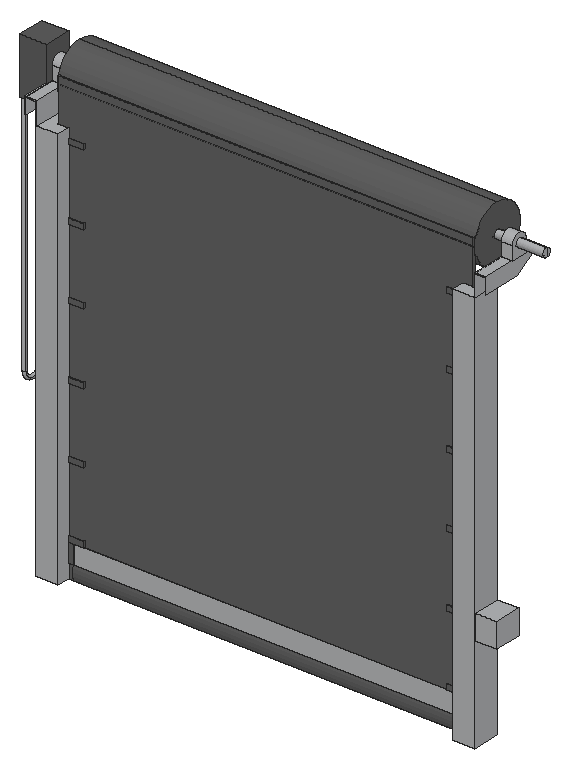
Revit family "Overhead_Door-CHI-MaxDock_Manual", category Specialty Equipment, host Wall, Revit 2023
Family settings
  Host = Wall
  Round Connector Dimension = Use Diameter
  Part Type = Normal
  OmniClass Number = 23.30.10.21
  OmniClass Title = Special Function Doors
  Enable Cutting in Views = No
  Always vertical = Yes
  Cut with Voids When Loaded = No
  Maintain Annotation Orientation = No
  Shared = No
  Room Calculation Point = No
Parameters (values of type "MaxDock - 100 - Gray - 1/4" Reinforced Rubber Curtain")
  Warranty URL = "https://www.chiohd.com/support/warranty"
  Vision Windows [instance] = no
  Version = "2021-v1.a"  # constant formula
  URL = "https://www.chiohd.com/"
  Support Phone = "(224) 699-9545"  # constant formula
  Support Email = "mailto:support@bimsmith.com"
  Steel Gauge = "1/4\""  # constant formula
  Shutter Box Height = 1' - 1"  # constant formula
  Product Page URL = "https://www.chiohd.com/commercial-doors/high-performance/maxdock"
  Product Documentation Link = "https://www.chiohd.com/hubfs/PMax/maxdock.pdf"
  Panel Thickness = 0' - 0 1/4"  # constant formula
  Opening Width [instance] = if(Desired Opening Width > C Max Width, C Max Width, if(Desired Opening Width < C Min Width, C Min Width, Desired Opening Width))  # 6' - 0"
  Opening Speed = "Manual"  # constant formula
  Opening Height [instance] = if(Desired Opening Height > C Max Height, C Max Height, if(Desired Opening Height < C Min Height, C Min Height, Desired Opening Height))  # 6' - 0"
  Model = "100"  # constant formula
  Manufacturer Phone Number = "800-738-5006"  # constant formula
  Manufacturer Fax Number = "800-677-2650"  # constant formula
  Manufacturer Email = "mailto:aia@chiohd.com"
  Manufacturer Address = "1485 Sunrise Drive, Arthur, IL 61911"  # constant formula
  Manufacturer = "C.H.I. Overhead Doors"  # constant formula
  Keynote = "08 30 00"
  Inside Hood Components [instance] = not(Hood Cover)  # yes
  Hood Cover [instance] = no
  Door Size Limits [instance] = "Min Size 6' x 6' │ Max Size 10' x 10'"  # constant formula
  Desired Opening Height [instance] = 6' - 0"
  Desired Opening Width [instance] = 6' - 0"
  Description = "Hight Performance Rubber Door"  # constant formula
  Default Elevation = 0' - 0"
  Curtain Material = Rubber - C.H.I Overhead Doors - Reinforced Black Rubber
  Copyright = "©2024 C.H.I. Overhead Doors - a NUCOR® company All information presented is based on the specifications and features available at the time of printing and is subject to change without notice."  # constant formula
  Closing Speed = "Manual"  # constant formula
  Door Rail Width = 0' - 4"  # constant formula
  Door Rail Depth = 0' - 5"  # constant formula
  Chain Length [instance] = Opening Width - 2' 2 3/4" - 0' 2 5/16"  # 3' - 6 15/16"
  C Min Width [instance] = 6' - 0"  # constant formula
  C Min Height [instance] = 6' - 0"  # constant formula
  C Max Width [instance] = 10' - 0"  # constant formula
  C Max Height [instance] = 10' - 0"  # constant formula
  Shutter Box Depth = 1' - 3"  # constant formula
  Assembly Code = "B2030410"
  Array Number [instance] = ((Opening Width - (0' 5 7/8") * 2) / 0' 10") - 0.49  # 6
Reference planes (in)
  plane 1: y = 0
  plane 2 "Center (Left/Right)": x = 0
  plane 3 "Wall Edge": y = 3
  plane 4: x = -36
  plane 5: x = 36
  plane 6: z = 73.59
  plane 7: z = 0
  plane 8: z = 86.59
  plane 9: y = 18
  plane 10: y = 8
  plane 11: x = 40
  plane 12: x = -40
  plane 13: y = 10.5
  plane 14: y = 5.375
  plane 15: z = 72
  plane 16: x = -47
  plane 17: z = 2.625
  plane 18: z = 6.125
  plane 19: x = 35
  plane 20: x = -35
  plane 21: z = 4.375
  plane 22: x = 30.125
  plane 23: x = -30.125
  plane 24: z = 73.59
  plane 25: z = 80.09
  plane 26: z = 77.6669
  plane 27: x = 42
  plane 28: x = -42
  plane 29: y = 5.5
  plane 30: x = 38
  plane 31: x = -38
  plane 32: x = 18
  plane 33: x = -18
  plane 34: z = 60
  plane 35: z = 26.75
  plane 36: x = 47
Forms (in)
  Extrusion 1, solid, material "Metal - Powder Coat - C.H.I Overhead Doors - Gray"
    sketch origin (0, 0, 0) x (1, 0, 0) y (0, 1, 0)
      loop
        line (-40, 8) -> (-40, 3) -> (-36, 3) -> (-36, 5.375) -> (-38, 5.375) -> (-38, 5.625) -> (-36, 5.625) -> (-36, 8) -> (-40, 8)
      loop
        line (40, 3) -> (40, 8) -> (36, 8) -> (36, 5.625) -> (38, 5.625) -> (38, 5.375) -> (36, 5.375) -> (36, 3) -> (40, 3)
    from 0 to 73.59
  Extrusion 2, solid, material "Rubber - C.H.I Overhead Doors - Reinforced Black Rubber", detail levels fine
    sketch origin (0, 0, 0) x (0, 1, 0) y (0, 0, 1)
      loop
        line (5.625, 2.625) -> (5.375, 2.625)
        arc (5.375, 2.625) -> (5.11631, 1.3125) -> (5.375, 0) r 3.45891
        line (5.375, 0) -> (5.625, 0)
        arc (5.625, 0) -> (5.8674, 1.3125) -> (5.625, 2.625) r 3.67448
    from -35 to 35
  Extrusion 3, solid, material "Metal - Powder Coat - C.H.I Overhead Doors - Gray", visible <- "Inside Hood Components"
    sketch origin (0, 6.875, 0) x (-1, 0, 0) y (0, 0, 1)
      loop
        line (-41.8882, 77.5419) -> (-40, 77.5419) -> (-40, 73.59) -> (-39.875, 73.59) -> (-39.875, 77.6669) -> (-42, 77.6669) -> (-42, 74.74078) -> (-41.8882, 74.74078) -> (-41.8882, 77.5419)
      loop
        line (41.8882, 77.5419) -> (41.8882, 74.74078) -> (42, 74.74078) -> (42, 77.6669) -> (39.875, 77.6669) -> (39.875, 73.59) -> (40, 73.59) -> (40, 77.5419) -> (41.8882, 77.5419)
    from -3.875 to 11.125
  Extrusion 4, void
    sketch origin (0, 0, 0) x (0, 1, 0) y (0, 0, 1)
      loop
        line (18, 79.5419) -> (8, 73.59) -> (18, 73.59) -> (18, 79.5419)
    from -47 to 42
  Revolve 5, solid, material "Rubber - C.H.I Overhead Doors - Reinforced Black Rubber" <- "Curtain Material", visible <- "Inside Hood Components"
    sketch origin (-51.88388, 10.5, 240) x (-1, 0, 0) y (0, 0, 1)
      loop
        line (-98.88388, -159.91) -> (-4.88387, -159.91) -> (-4.88387, -159.16) -> (-98.88388, -159.16) -> (-98.88388, -159.91)
      axis (-98.88388, -159.91) -> (-4.88387, -159.91)
    angle from 0 to 360
  Extrusion 6, solid, material "Metal - Powder Coat - C.H.I Overhead Doors - Gray", visible <- "Inside Hood Components"
    sketch origin (59, 9, 117.1959) x (0, 0, 1) y (0, 1, 0)
      loop
        line (-37.1059, 3) -> (-39.529, 3) -> (-39.529, 0) -> (-37.1059, 0)
        arc (-37.1059, 0) -> (-35.6059, 1.5) -> (-37.1059, 3) r 1.5
    from 17 to 19
  Extrusion 7, solid, material "Metal - Powder Coat - C.H.I Overhead Doors - Gray", visible <- "Inside Hood Components"
    sketch origin (-59.48062, 9, 117.119) x (0, 0, 1) y (0, -1, 0)
      loop
        arc (-37.029, -3) -> (-35.529, -1.5) -> (-37.029, 0) r 1.5
        line (-37.029, 0) -> (-39.45211, 0) -> (-39.45211, -3) -> (-37.029, -3)
    from 17.48062 to 19.48062
  Extrusion 8, solid, material "Metal - C.H.I Overhead Doors - Black", visible <- "Inside Hood Components"
    sketch origin (-47, 9, 105.26562) x (0, 0, 1) y (0, 1, 0)
      loop
        line (-21.34671, 4) -> (-31.67562, 4) -> (-31.67562, -1) -> (-21.34671, -1) -> (-21.34671, 4)
    from 0 to -5
  Extrusion 9, solid, material "Metal - Powder Coat - C.H.I Overhead Doors - Gray", detail levels medium+fine
    sketch origin (-36, 47.86052, 48) x (0, 1, 0) y (0, 0, 1)
      loop
        line (-42.05974, -41.875) -> (-42.6613, -41.875) -> (-42.6613, -45.375) -> (-42.05974, -45.375) -> (-42.05974, -41.875)
    from 1 to 71
  Sweep 10, solid, material "Metal - Powder Coat - C.H.I Overhead Doors - Gray", detail levels medium+fine
    path origin (-47, 9, 105.26562) x (0, 0, 1) y (0, 1, 0)
      loop
        line (-31.67562, 3.33333) -> (-76.4067, 3.33333)
        arc (-76.4067, 3.33333) -> (-78.24003, 1.5) -> (-76.4067, -0.33333) r 1.83333
        line (-76.4067, -0.33333) -> (-31.67562, -0.33333)
    profile origin (-47, 12.33333, 51.22446) x (-1, 0, 0) y (0, -1, 0)
      loop
        circle (-0.31348, 0) r 0.31348
  Extrusion 11, solid, material "Metal - Powder Coat - C.H.I Overhead Doors - Gray"
    sketch origin (0, 3, 0) x (1, 0, 0) y (0, 0, 1)
      loop
        line (44, 22.125) -> (40, 22.125) -> (40, 17.625) -> (44, 17.625) -> (44, 22.125)
    from 0 to -5
  Extrusion 12, solid, material "Rubber - C.H.I Overhead Doors - Reinforced Black Rubber" <- "Curtain Material"
    sketch origin (-47, 9, 105.26562) x (0, 0, 1) y (0, 1, 0)
      loop
        circle (-25.17562, 1.5) r 5.125
    from -9 to -85
  Extrusion 13, solid, material "Metal - Powder Coat - C.H.I Overhead Doors - Gray", visible <- "Hood Cover"
    sketch origin (-47, 9, 105.26562) x (0, 0, 1) y (0, 1, 0)
      loop
        line (-13.67562, -6) -> (-13.67562, 12) -> (-31.67562, 12) -> (-31.67562, -6) -> (-13.67562, -6)
    from -89 to 0
Cuts and joins
  Extrusion 4 cuts Extrusion 3
Lines and regions (in)
  Opening 1
    outline origin (-60, -3, 0) x (1, 0, 0) y (0, 0, 1)
      loop
        line (96, 72) -> (24, 72) -> (24, 0) -> (96, 0) -> (96, 72)
  model lines, detail levels fine
    curve 1: circle (30.125, 5.19922, 4.375) r 0.5 normal (0, 1, 0)
    curve 2: circle (-30.125, 5.19922, 4.375) r 0.5 normal (0, 1, 0)
    curve 3: circle (18.075, 5.19922, 4.375) r 0.5 normal (0, 1, 0)
    curve 4: circle (6.025, 5.19922, 4.375) r 0.5 normal (0, 1, 0)
    curve 5: circle (-6.025, 5.19922, 4.375) r 0.5 normal (0, 1, 0)
    curve 6: circle (-18.075, 5.19922, 4.375) r 0.5 normal (0, 1, 0)
Text (in)
  text "Placement Side" at (0, 40.15149, 123.01588), in view "Right"
  text "Placement Side" at (-85.69711, 32.58532, 0), in view "Ref. Level"
  text "Placement Side" at (0, 92.16658, 149.30195), in view "Left"
Dimensions and locks (in)
  locked: plane 3 "Wall Edge" to host wall
  "Shutter Box Depth": plane 9 to plane 3 "Wall Edge"
  "Door Rail Depth": plane 10 to plane 3 "Wall Edge"
  equal spacing: plane 9, plane 13, plane 3 "Wall Edge"
  locked: plane 4 to plane 16 at 11
  "Opening Height": plane 7 to plane 15
  "Opening Width": plane 5 to plane 4
  equal spacing: plane 5, plane 2 "Center (Left/Right)", plane 4  (x2)
  "Shutter Box Height": plane 6 to plane 8
  equal spacing: plane 11, plane 2 "Center (Left/Right)", plane 12
  "Door Rail Width": plane 11 to plane 5
  locked: plane 17 to plane 18 at 3.5
  locked: plane 7 to plane 17 at 2.625
  equal spacing: plane 20, plane 2 "Center (Left/Right)", plane 19
  locked: plane 19 to plane 5 at 1
  equal spacing: plane 17, plane 21, plane 18
  locked: plane 22 to plane 5 at 5.875
  locked: plane 23 to plane 4 at 5.875
  equal spacing: group 2, group 16, group 5, group 4, group 3, group 1
  equal spacing: group 1, group 3, group 4, group 5, group 16, group 2  (x2)
  equal spacing: group 6, group 8, group 9, group 10, group 17, group 7  (x3)
  equal spacing: group 11, group 13, group 14, group 15, group 18, group 12  (x3)
  Extrusion 2 sketch curve to plane 14 to Extrusion 2 sketch curve = 0' - 3.20022" locked, 0' - 3.18208" locked
  plane 11 to plane 5 = 0' - 4"
  locked: Extrusion 3 sketch curve to plane 11 at 0.125
  locked: Extrusion 3 sketch curve to plane 12 at 0.125
  locked: Extrusion 3 sketch curve to Extrusion 3 sketch curve at 0.1118  (x2)
  locked: Extrusion 4 sketch curve to plane 6 at 5.9519
  locked: plane 8 to plane 24 at 13
  equal spacing: plane 8, plane 25, plane 24
  locked: plane 25 to Revolve 5 sketch curve at 0.75
  Extrusion 6 to plane 13 to Extrusion 6 = 0' - 1 1/2", 0' - 1 1/2"
  locked: Extrusion 7 sketch curve to Extrusion 7 sketch curve at 3
  plane 25 to Extrusion 7 sketch curve = 0' - 2.4231"
  locked: plane 25 to Extrusion 6 sketch curve at 2.4231
  plane 24 to Extrusion 3 sketch curve to Extrusion 3 sketch curve = 0' - 3.9519" locked, 0' - 0 1/8" locked  (x2)
  locked: plane 12 to Extrusion 3 sketch curve at 1.8882
  plane 24 to cut or joined group of Extrusion 3, Extrusion 4 = 0' - 1.15078"
  locked: plane 24 to Extrusion 3 sketch curve at 1.15078  (x2)
  locked: plane 26 to plane 25 at 2.4231
  locked: plane 11 to plane 27 at 2
  locked: plane 12 to plane 28 at 2
  equal spacing: Extrusion 8 sketch curve, plane 13, plane 10
  locked: Extrusion 8 sketch curve to plane 10 at 5
  locked: plane 26 to Extrusion 8 sketch curve at 6.25202
  locked: plane 29 to plane 14 at 0.125
  locked: plane 31 to plane 4 at 2
  locked: plane 5 to plane 30 at 2
  Extrusion 9 sketch curve to plane 29 to Extrusion 9 sketch curve = 0' - 0 77/256" locked, 0' - 0 77/256" locked
  equal spacing: Sweep 10 sketch curve, plane 13, Sweep 10 sketch curve
  locked: Sweep 10 sketch curve to plane 13 at 1.83333
  locked: profile plane to Sweep 10 sketch curve at 0.31348
  locked: plane 14 to Extrusion 1 sketch curve at 0.25  (x2)
  locked: curve 1 to plane 22 at 0.5
  locked: plane 23 to curve 2 at 0.5
  locked: Extrusion 11 sketch curve to Extrusion 11 sketch curve at 4.5
  locked: Extrusion 11 sketch curve to Extrusion 11 sketch curve at 4
  locked: plane 7 to Extrusion 11 sketch curve at 17.625
  equal spacing: plane 5, plane 32, plane 2 "Center (Left/Right)"
  equal spacing: plane 2 "Center (Left/Right)", plane 33, plane 4
  locked: plane 7 to plane 34 at 60
  equal spacing: plane 10, plane 29, plane 3 "Wall Edge"
  locked: plane 8 to Extrusion 8 at 2.67108
  locked: Extrusion 8 to plane 10 at 5
  locked: plane 7 to plane 35 at 26.75
  plane 15 to plane 24 = 0' - 1.59"
  locked: plane 35 to Sweep 10 sketch curve at 0.27559
  locked: plane 15 to plane 24 at 1.59
  locked: plane 36 to plane 5 at 11
  locked: Extrusion 13 sketch curve to plane 3 "Wall Edge" at 18
  locked: Extrusion 13 sketch curve to plane 24 at 18
  radius of Extrusion 2 sketch curve = 0' - 3.45891"
  radius of Extrusion 2 sketch curve = 0' - 3.67448"
  radius of Extrusion 7 sketch curve = 0' - 1 1/2"
  radius of Extrusion 6 sketch curve = 0' - 1 1/2"
  radius of Sweep 10 sketch curve = 0' - 1.83333"
  radius of Sweep 10 sketch curve = 0' - 0.31348"
  radius of Extrusion 12 sketch curve = 0' - 5 1/8"
  aligned and locked: plane 5 to Opening 1 sketch curve
  aligned and locked: plane 4 to Opening 1 sketch curve
  aligned and locked: plane 7 to Opening 1 sketch curve
  aligned and locked: plane 10 to Extrusion 1 sketch curve
  aligned and locked: Extrusion 1 sketch curve to plane 3 "Wall Edge"  (x2)
  aligned and locked: Extrusion 1 sketch curve to plane 4  (x2)
  aligned and locked: plane 12 to Extrusion 1 sketch curve
  aligned and locked: Extrusion 1 sketch curve to plane 11
  aligned and locked: Extrusion 1 sketch curve to plane 10
  aligned and locked: plane 6 to Extrusion 1
  aligned and locked: plane 4 to nested 1
  aligned and locked: plane 4 to nested 2
  aligned and locked: nested 2 to plane 17
  aligned and locked: nested 3 to plane 15
  aligned and locked: plane 4 to nested 3
  aligned and locked: plane 5 to nested 7
  aligned and locked: nested 7 to plane 18
  aligned and locked: plane 15 to nested 8
  aligned and locked: plane 5 to nested 8
  aligned and locked: plane 17 to nested 12
  aligned and locked: plane 5 to nested 12
  aligned and locked: Extrusion 2 sketch curve to plane 17
  aligned and locked: Extrusion 2 sketch curve to plane 7
  aligned and locked: Extrusion 3 sketch curve to plane 11
  aligned and locked: Extrusion 3 sketch curve to plane 6
  aligned and locked: plane 12 to Extrusion 3 sketch curve
  aligned and locked: plane 6 to Extrusion 3 sketch curve
  aligned and locked: plane 3 "Wall Edge" to Extrusion 3
  aligned and locked: plane 9 to Extrusion 3
  aligned and locked: plane 6 to Extrusion 4 sketch curve
  aligned and locked: Extrusion 4 sketch curve to plane 9
  aligned and locked: plane 10 to Extrusion 4 sketch curve
  aligned and locked: plane 16 to Extrusion 4
  aligned and locked: Revolve 5 sketch curve to plane 25
  aligned and locked: Revolve 5 sketch curve to Revolve 5 sketch curve  (x2)
  aligned and locked: plane 25 to Extrusion 6 sketch curve
  aligned and locked: plane 13 to Extrusion 6 sketch curve
  aligned and locked: plane 11 to Extrusion 6
  aligned and locked: plane 12 to Extrusion 7
  aligned and locked: plane 13 to Extrusion 7 sketch curve
  aligned and locked: plane 16 to Revolve 5 sketch curve
  aligned and locked: Extrusion 6 to cut or joined group of Extrusion 3, Extrusion 4
  aligned and locked: cut or joined group of Extrusion 3, Extrusion 4 to Extrusion 7
  aligned and locked: plane 26 to Extrusion 7  (x2)
  aligned and locked: cut or joined group of Extrusion 3, Extrusion 4 to plane 26  (x2)
  aligned and locked: plane 26 to Extrusion 6
  aligned and locked: cut or joined group of Extrusion 3, Extrusion 4 to plane 27
  aligned and locked: cut or joined group of Extrusion 3, Extrusion 4 to plane 28
  aligned and locked: Extrusion 7 to plane 28
  aligned and locked: plane 25 to Extrusion 7 sketch curve
  aligned and locked: plane 10 to Extrusion 8  (x2)
  aligned and locked: Extrusion 8 sketch curve to plane 10
  aligned and locked: plane 28 to Extrusion 8
  aligned and locked: nested 3 to plane 29
  aligned and locked: plane 29 to nested 8
  aligned and locked: nested 1 to plane 29
  aligned and locked: plane 29 to nested 7
  aligned and locked: nested 2 to plane 29
  aligned and locked: plane 29 to nested 12
  aligned and locked: plane 18 to Extrusion 9 sketch curve
  aligned and locked: plane 17 to Extrusion 9 sketch curve
  aligned and locked: Extrusion 2 to plane 20
  aligned and locked: Extrusion 2 to plane 19
  aligned and locked: Extrusion 9 to plane 19
  aligned and locked: Extrusion 9 to plane 20
  aligned and locked: profile plane to Sweep 10 sketch curve
  aligned and locked: plane 14 to Extrusion 1 sketch curve
  aligned and locked: plane 5 to Extrusion 1 sketch curve
  aligned and locked: Extrusion 1 sketch curve to plane 5
  aligned and locked: Extrusion 1 sketch curve to plane 14
  aligned and locked: Extrusion 1 sketch curve to plane 30
  aligned and locked: Extrusion 4 to plane 27
  aligned and locked: Extrusion 11 sketch curve to plane 11
  aligned and locked: Extrusion 1 to Extrusion 11
  aligned and locked: Extrusion 8 to plane 24
  aligned and locked: Opening 1 sketch curve to plane 15
  aligned and locked: plane 24 to Extrusion 8 sketch curve
  aligned and locked: plane 16 to Extrusion 8
  aligned and locked: Extrusion 8 to plane 28
  aligned and locked: Revolve 5 to plane 36
  aligned and locked: plane 25 to Extrusion 12 sketch curve
  aligned and locked: plane 13 to Extrusion 12 sketch curve
  aligned and locked: plane 31 to Extrusion 12
  aligned and locked: plane 30 to Extrusion 12
  aligned and locked: Extrusion 13 sketch curve to plane 24
  aligned and locked: Extrusion 13 to plane 27
  aligned and locked: Extrusion 13 to plane 16
  aligned and locked: plane 2 "Center (Left/Right)" to nested 15
  aligned and locked: nested 15 to plane 29
Automatic sketch dimensions
  Extrusion 2 sketch curve to plane 14 = 0' - 0"
  Extrusion 2 sketch curve to plane 14 = 0' - 0 1/4"
  Extrusion 1 sketch curve to plane 31 = 0' - 0"
  Extrusion 3 sketch curve to plane 27 = 0' - 0"
  Sweep 10 sketch curve to plane 24 = 0' - 0"  (x2)
  Revolve 5 sketch curve to plane 27 = 0' - 5"
  Revolve 5 sketch curve to Revolve 5 sketch curve = 2' - 0"
  Extrusion 13 sketch curve to host wall = 0' - 0"
  radius of curve 2 = 0' - 0 1/2"
  radius of curve 1 = 0' - 0 1/2"
  radius of curve 3 = 0' - 0 1/2"
  radius of curve 4 = 0' - 0 1/2"
  radius of curve 5 = 0' - 0 1/2"
  radius of curve 6 = 0' - 0 1/2"
Nested families (in)
  nested 1: "Accesory" at (-36, 5.5, 2.625), type "Panel Guide", detail levels fine
    with Guide yes, Bottom no
  nested 2: "Accesory" at (-36, 5.5, 2.625), type "Panel Guide", detail levels fine
    with Guide no, Bottom yes
  nested 3: "Accesory" at (-36, 5.5, 67.5), type "Panel Guide", detail levels fine
    with Guide yes, Bottom no
  nested 4: "Accesory" at (-36, 5.5, 15.6), type "Panel Guide", detail levels fine
    with Guide yes, Bottom no
  nested 5: "Accesory" at (-36, 5.5, 28.575), type "Panel Guide", detail levels fine
    with Guide yes, Bottom no
  nested 6: "Accesory" at (-36, 5.5, 41.55), type "Panel Guide", detail levels fine
    with Guide yes, Bottom no
  nested 7: "Accesory" at (36, 5.5, 2.625) x (-1, 0, 0) z (0, 0, 1), type "Panel Guide", detail levels fine
    with Guide yes, Bottom no
  nested 8: "Accesory" at (36, 5.5, 67.5) x (-1, 0, 0) z (0, 0, 1), type "Panel Guide", detail levels fine
    with Guide yes, Bottom no
  nested 9: "Accesory" at (36, 5.5, 15.6) x (-1, 0, 0) z (0, 0, 1), type "Panel Guide", detail levels fine
    with Guide yes, Bottom no
  nested 10: "Accesory" at (36, 5.5, 28.575) x (-1, 0, 0) z (0, 0, 1), type "Panel Guide", detail levels fine
    with Guide yes, Bottom no
  nested 11: "Accesory" at (36, 5.5, 41.55) x (-1, 0, 0) z (0, 0, 1), type "Panel Guide", detail levels fine
    with Guide yes, Bottom no
  nested 12: "Accesory" at (36, 5.5, 2.625) x (-1, 0, 0) z (0, 0, 1), type "Panel Guide", detail levels fine
    with Guide no, Bottom yes
  nested 13: "Accesory" at (-36, 5.5, 54.525), type "Panel Guide", detail levels fine
    with Guide yes, Bottom no
  nested 14: "Accesory" at (36, 5.5, 54.525) x (-1, 0, 0) z (0, 0, 1), type "Panel Guide", detail levels fine
    with Guide yes, Bottom no
  nested 15: "Nested-Curtain_wWindows" at (0, 5.5, 0), Opening Height <- "Opening Height", Opening Width <- "Opening Width", Windows <- "Vision Windows", type "Default"
    with Windows no, Single Window yes, Opening Width 6' - 0", Opening Height 6' - 0", C Single Window no, C Multiple Windows no, Array QTY 2
Definition of nested family "Accesory"
  Parameters (values of type "Panel Guide")
    Guide [instance] = yes
    Default Elevation = 0' - 0"
    Bottom [instance] = yes
  Reference planes (in)
    plane 1 "Center (Front/Back)": y = 0
    plane 2: z = 0
    plane 3 "Center (Left/Right)": x = 0
  Forms (in)
    Extrusion 1, solid, visible <- "Bottom"
      sketch origin (0, 0, 0) x (1, 0, 0) y (0, 0, 1)
        loop
          line (0, 0) -> (1, 0) -> (1, 3.5) -> (0, 3.5) -> (0, 0)
      from -0.30078 to 0.30078
    Extrusion 2, solid, visible <- "Guide"
      sketch origin (0, 0, 0) x (1, 0, 0) y (0, 0, 1)
        loop
          line (0, 4.5) -> (0, 3.5) -> (2.875, 3.5) -> (2.875, 4.5) -> (0, 4.5)
      from -0.30078 to 0.30078
  Dimensions and locks (in)
    locked: Extrusion 1 sketch curve to plane 2 at 3.5
    locked: plane 3 "Center (Left/Right)" to Extrusion 1 sketch curve at 1
    aligned and locked: level to plane 2
    aligned and locked: Extrusion 2 sketch curve to Extrusion 1  (x2)
Definition of nested family "Nested-Curtain_wWindows"
  Parameters (values of type "Default")
    Windows [instance] = yes
    Window Material = none
    Top Offset = 0' - 9 1/2"
    Thickness = 0' - 0 1/4"
    Single Window [instance] = (Opening Width / 6) < 2' 0"  # yes
    C Single Window [instance] = and(Single Window, Windows)  # yes
    Side Offset = 0' - 1 3/4"
    Opening Width [instance] = 6' - 0"
    Opening Height [instance] = 6' - 0"
    Material = none
    Default Elevation = 0' - 0"
    C Multiple Windows [instance] = and(not(C Single Window), Windows)  # no
    Array QTY [instance] = if((Opening Width / 6) < 2' 0", 2, Opening Width / 6' 0") - 0.49  # 2
  Reference planes (in)
    plane 1 "Center (Front/Back)": y = 0
    plane 2: z = 0
    plane 3 "Center (Left/Right)": x = 0
    plane 4: x = -6
    plane 5: x = 36
    plane 6: z = 72
    plane 7: y = -0.125
    plane 8: x = 37.75
    plane 9: x = -37.75
    plane 10: z = 81.5
    plane 11: y = 0.125
    plane 12: z = 60
    plane 13: z = 53
    plane 14: x = -36
    plane 15: x = 6
  Forms (in)
    Extrusion 1, solid, material <- "Material"
      sketch origin (0, 0, 0) x (1, 0, 0) y (0, 1, 0)
        loop
          line (-37.75, 0.125) -> (-37.75, -0.125) -> (37.75, -0.125) -> (37.75, 0.125) -> (-37.75, 0.125)
      from 0 to 81.5
    Extrusion 2, void
      sketch origin (61, 0, 36) x (1, 0, 0) y (0, 0, 1)
        loop
          line (-67, 31) -> (-67, 17) -> (-53, 17) -> (-53, 31) -> (-67, 31)
      from -0.125 to 0.125
    Extrusion 3, solid, material <- "Window Material", visible <- "C Single Window"
      sketch origin (0, 0, 0) x (1, 0, 0) y (0, 0, 1)
        loop
          line (-7, 67) -> (-7, 53) -> (7, 53) -> (7, 67) -> (-7, 67)
      from -0.125 to 0.125
    Extrusion 4, void
      sketch origin (0, 0, 0) x (1, 0, 0) y (0, 0, 1)
        loop
          line (-7, 67) -> (-7, 53) -> (7, 53) -> (7, 67) -> (-7, 67)
      from -15.44047 to 18.50221
    Extrusion 5, solid, material <- "Window Material", visible <- "C Single Window"
      sketch origin (72, 0, 0) x (1, 0, 0) y (0, 0, 1)
        loop
          line (-79, 67) -> (-79, 53) -> (-65, 53) -> (-65, 67) -> (-79, 67)
      from -0.125 to 0.125
    Extrusion 6, void
      sketch origin (59, 0, 36) x (1, 0, 0) y (0, 0, 1)
        loop
          line (-67, 31) -> (-67, 17) -> (-53, 17) -> (-53, 31) -> (-67, 31)
      from -0.125 to 0.125
    Extrusion 7, solid, material <- "Window Material", visible <- "C Multiple Windows"
      sketch origin (144, 0, 0) x (1, 0, 0) y (0, 0, 1)
        loop
          line (-150, 67) -> (-150, 53) -> (-136, 53) -> (-136, 67) -> (-150, 67)
      from -0.125 to 0.125
    Extrusion 8, solid, material <- "Window Material", visible <- "C Multiple Windows"
      sketch origin (142, 0, 0) x (1, 0, 0) y (0, 0, 1)
        loop
          line (-150, 67) -> (-150, 53) -> (-136, 53) -> (-136, 67) -> (-150, 67)
      from -0.125 to 0.125
  Cuts and joins
    Extrusion 2, Extrusion 4, Extrusion 6 cuts Extrusion 1
  Lines and regions (in)
    Filled region 1, type "Patterns Rolling Fire-1", in view "Ref. Level"
      outline origin (0, 0, 0) x (1, 0, 0) y (0, 1, 0)
        loop
          spline (50.1322, 3.626) -> (50.12824, 3.62284) -> (50.12454, 3.61919) -> (50.12112, 3.61503) -> (50.11797, 3.61037) -> (50.11508, 3.6052) -> (50.11247, 3.59953) -> (50.1102, 3.59342) -> (50.10834, 3.58692) -> (50.1069, 3.58004) -> (50.10587, 3.57278) -> (50.10525, 3.56514) -> (50.10504, 3.55712)
          spline (50.10504, 3.55712) -> (50.10512, 3.55237) -> (50.10536, 3.54774) -> (50.10576, 3.54322) -> (50.10632, 3.53882) -> (50.10704, 3.53454) -> (50.10793, 3.53037) -> (50.10897, 3.52631) -> (50.11018, 3.52238) -> (50.11154, 3.51856) -> (50.11307, 3.51485) -> (50.11476, 3.51126) -> (50.11661, 3.50779)
          spline (50.11661, 3.50779) -> (50.12135, 3.50036) -> (50.12649, 3.49428) -> (50.13202, 3.48956) -> (50.13787, 3.48619) -> (50.14437, 3.48417) -> (50.15021, 3.48347) -> (50.15452, 3.48371) -> (50.15804, 3.48438) -> (50.16143, 3.48546) -> (50.16507, 3.487) -> (50.16876, 3.48897) -> (50.17246, 3.49138)
          spline (50.17246, 3.49138) -> (50.1743, 3.49278) -> (50.17608, 3.4943) -> (50.17781, 3.49595) -> (50.17948, 3.49774) -> (50.1811, 3.49966) -> (50.18266, 3.50171) -> (50.18417, 3.5039) -> (50.18562, 3.50622) -> (50.18702, 3.50866) -> (50.18836, 3.51125) -> (50.18965, 3.51396) -> (50.19088, 3.5168)
          spline (50.19088, 3.5168) -> (50.19308, 3.52285) -> (50.19488, 3.52932) -> (50.19629, 3.53621) -> (50.1973, 3.5434) -> (50.1979, 3.55113) -> (50.19809, 3.56051) -> (50.19763, 3.57075) -> (50.19626, 3.58142) -> (50.19398, 3.5914) -> (50.19078, 3.60043) -> (50.18667, 3.60863) -> (50.18165, 3.61601)
          spline (50.18165, 3.61601) -> (50.17717, 3.62117) -> (50.17248, 3.62539) -> (50.16765, 3.62867) -> (50.16264, 3.63102) -> (50.15707, 3.63238) -> (50.1521, 3.63288) -> (50.1485, 3.63271) -> (50.14527, 3.6321) -> (50.14195, 3.63115) -> (50.13863, 3.62983) -> (50.13539, 3.62811) -> (50.1322, 3.626)
    Filled region 2, type "Patterns Rolling Fire-1", in view "Ref. Level"
      outline origin (0, 0, 0) x (1, 0, 0) y (0, 1, 0)
        loop
          spline (50.24085, 3.626) -> (50.23688, 3.62284) -> (50.23319, 3.61919) -> (50.22977, 3.61503) -> (50.22661, 3.61037) -> (50.22373, 3.6052) -> (50.22112, 3.59953) -> (50.21885, 3.59342) -> (50.21699, 3.58692) -> (50.21555, 3.58004) -> (50.21452, 3.57278) -> (50.21389, 3.56514) -> (50.21369, 3.55712)
          spline (50.21369, 3.55712) -> (50.21377, 3.55237) -> (50.21401, 3.54774) -> (50.21441, 3.54322) -> (50.21497, 3.53882) -> (50.21569, 3.53454) -> (50.21658, 3.53037) -> (50.21762, 3.52631) -> (50.21883, 3.52238) -> (50.22019, 3.51856) -> (50.22172, 3.51485) -> (50.22341, 3.51126) -> (50.22526, 3.50779)
          spline (50.22526, 3.50779) -> (50.23, 3.50036) -> (50.23514, 3.49428) -> (50.24067, 3.48956) -> (50.24652, 3.48619) -> (50.25302, 3.48417) -> (50.25886, 3.48347) -> (50.26317, 3.48371) -> (50.26668, 3.48438) -> (50.27008, 3.48546) -> (50.27371, 3.487) -> (50.27741, 3.48897) -> (50.28111, 3.49138)
          spline (50.28111, 3.49138) -> (50.28295, 3.49278) -> (50.28473, 3.4943) -> (50.28646, 3.49595) -> (50.28813, 3.49774) -> (50.28975, 3.49966) -> (50.29131, 3.50171) -> (50.29282, 3.5039) -> (50.29427, 3.50622) -> (50.29567, 3.50866) -> (50.29701, 3.51125) -> (50.29829, 3.51396) -> (50.29953, 3.5168)
          spline (50.29953, 3.5168) -> (50.30173, 3.52285) -> (50.30353, 3.52932) -> (50.30494, 3.53621) -> (50.30594, 3.5434) -> (50.30655, 3.55113) -> (50.30674, 3.56051) -> (50.30628, 3.57075) -> (50.30491, 3.58142) -> (50.30263, 3.5914) -> (50.29943, 3.60043) -> (50.29532, 3.60863) -> (50.2903, 3.61601)
          spline (50.2903, 3.61601) -> (50.28582, 3.62117) -> (50.28113, 3.62539) -> (50.2763, 3.62867) -> (50.27129, 3.63102) -> (50.26571, 3.63238) -> (50.26075, 3.63288) -> (50.25715, 3.63271) -> (50.25392, 3.6321) -> (50.2506, 3.63115) -> (50.24728, 3.62983) -> (50.24404, 3.62811) -> (50.24085, 3.626)
    Filled region 3, type "Patterns Rolling Fire-1", in view "Ref. Level"
      outline origin (0, 0, 0) x (1, 0, 0) y (0, 1, 0)
        loop
          spline (50.46718, 4.22132) -> (50.46812, 4.2198) -> (50.46924, 4.2182) -> (50.47053, 4.21652) -> (50.472, 4.21477) -> (50.47365, 4.21293) -> (50.47547, 4.21102) -> (50.47747, 4.20902) -> (50.47964, 4.20695) -> (50.48199, 4.2048) -> (50.48451, 4.20257) -> (50.48721, 4.20026) -> (50.49009, 4.19787)
          spline (50.49009, 4.19787) -> (50.48743, 4.19591) -> (50.4849, 4.19398) -> (50.48251, 4.19208) -> (50.48026, 4.19021) -> (50.47814, 4.18837) -> (50.47615, 4.18655) -> (50.4743, 4.18477) -> (50.47259, 4.18301) -> (50.471, 4.18129) -> (50.46956, 4.17959) -> (50.46824, 4.17792) -> (50.46706, 4.17628)
          spline (50.46706, 4.17628) -> (50.46502, 4.17301) -> (50.46335, 4.16973) -> (50.46205, 4.16644) -> (50.46112, 4.16316) -> (50.46055, 4.15989) -> (50.46038, 4.15646) -> (50.46066, 4.15256) -> (50.46143, 4.14833) -> (50.46275, 4.1443) -> (50.4646, 4.14048) -> (50.46698, 4.13674) -> (50.46989, 4.1331)
          spline (50.46989, 4.1331) -> (50.47887, 4.12567) -> (50.49001, 4.12121) -> (50.50301, 4.11971) -> (50.51535, 4.12096) -> (50.52588, 4.1247) -> (50.53474, 4.13093) -> (50.54145, 4.13894) -> (50.54547, 4.14791) -> (50.54681, 4.15788) -> (50.54587, 4.16619) -> (50.54307, 4.17408) -> (50.53841, 4.18174)
          spline (50.53841, 4.18174) -> (50.53727, 4.18321) -> (50.53594, 4.18478) -> (50.53443, 4.18644) -> (50.53274, 4.18818) -> (50.53086, 4.19002) -> (50.52881, 4.19195) -> (50.52657, 4.19396) -> (50.52415, 4.19607) -> (50.52155, 4.19826) -> (50.51876, 4.20054) -> (50.51579, 4.20292) -> (50.51264, 4.20538)
          spline (50.51264, 4.20538) -> (50.51571, 4.20733) -> (50.51859, 4.20924) -> (50.52129, 4.2111) -> (50.52382, 4.21292) -> (50.52616, 4.2147) -> (50.52832, 4.21643) -> (50.5303, 4.21812) -> (50.53211, 4.21977) -> (50.53373, 4.22137) -> (50.53517, 4.22293) -> (50.53644, 4.22445) -> (50.53752, 4.22592)
          spline (50.53752, 4.22592) -> (50.53935, 4.22885) -> (50.54084, 4.23174) -> (50.542, 4.23454) -> (50.54283, 4.23729) -> (50.54333, 4.24018) -> (50.54348, 4.24339) -> (50.54316, 4.24704) -> (50.54225, 4.25107) -> (50.54072, 4.25501) -> (50.53857, 4.25866) -> (50.5358, 4.26215) -> (50.53242, 4.26551)
          spline (50.53242, 4.26551) -> (50.52854, 4.26852) -> (50.52428, 4.27098) -> (50.51963, 4.27289) -> (50.51455, 4.27425) -> (50.50901, 4.27507) -> (50.50319, 4.27533) -> (50.4973, 4.27504) -> (50.49163, 4.27416) -> (50.4864, 4.2727) -> (50.48163, 4.27065) -> (50.47726, 4.26802) -> (50.47329, 4.26481)
          spline (50.47329, 4.26481) -> (50.46985, 4.26117) -> (50.46704, 4.25732) -> (50.46485, 4.25323) -> (50.46328, 4.24889) -> (50.46237, 4.24438) -> (50.46203, 4.24008) -> (50.46214, 4.23649) -> (50.4626, 4.23337) -> (50.46333, 4.23035) -> (50.46433, 4.22731) -> (50.46561, 4.22429) -> (50.46718, 4.22132)
    Filled region 4, type "Patterns Rolling Fire-1", in view "Ref. Level"
      outline origin (0, 0, 0) x (1, 0, 0) y (0, 1, 0)
        loop
          spline (52.57083, 5.04013) -> (52.57178, 5.03861) -> (52.5729, 5.03701) -> (52.57419, 5.03533) -> (52.57567, 5.03358) -> (52.57731, 5.03174) -> (52.57913, 5.02983) -> (52.58113, 5.02783) -> (52.58331, 5.02576) -> (52.58566, 5.02361) -> (52.58818, 5.02138) -> (52.59088, 5.01907) -> (52.59376, 5.01668)
          spline (52.59376, 5.01668) -> (52.5911, 5.01472) -> (52.58857, 5.01279) -> (52.58618, 5.01089) -> (52.58393, 5.00902) -> (52.5818, 5.00718) -> (52.57982, 5.00536) -> (52.57796, 5.00358) -> (52.57625, 5.00182) -> (52.57466, 5.0001) -> (52.57321, 4.9984) -> (52.5719, 4.99673) -> (52.57072, 4.99509)
          spline (52.57072, 4.99509) -> (52.56868, 4.99182) -> (52.56701, 4.98854) -> (52.5657, 4.98525) -> (52.56477, 4.98197) -> (52.5642, 4.9787) -> (52.56403, 4.97527) -> (52.56431, 4.97137) -> (52.56509, 4.96714) -> (52.5664, 4.96311) -> (52.56826, 4.95929) -> (52.57064, 4.95555) -> (52.57354, 4.95191)
          spline (52.57354, 4.95191) -> (52.57778, 4.94783) -> (52.58253, 4.94448) -> (52.5878, 4.94188) -> (52.59368, 4.94002) -> (52.60006, 4.9389) -> (52.60669, 4.93852) -> (52.61311, 4.93883) -> (52.61901, 4.93977) -> (52.62448, 4.94133) -> (52.62955, 4.94351) -> (52.63419, 4.94632) -> (52.63841, 4.94974)
          spline (52.63841, 4.94974) -> (52.64209, 4.95362) -> (52.6451, 4.95774) -> (52.64745, 4.96212) -> (52.64912, 4.96676) -> (52.65012, 4.97174) -> (52.65046, 4.97679) -> (52.65025, 4.98113) -> (52.64953, 4.985) -> (52.64835, 4.98887) -> (52.64672, 4.9928) -> (52.64463, 4.99672) -> (52.64207, 5.00055)
          spline (52.64207, 5.00055) -> (52.64093, 5.00202) -> (52.6396, 5.00359) -> (52.6381, 5.00525) -> (52.63641, 5.00699) -> (52.63453, 5.00883) -> (52.63248, 5.01076) -> (52.63024, 5.01277) -> (52.62782, 5.01488) -> (52.62522, 5.01707) -> (52.62243, 5.01935) -> (52.61947, 5.02173) -> (52.61632, 5.02419)
          spline (52.61632, 5.02419) -> (52.61938, 5.02614) -> (52.62226, 5.02805) -> (52.62496, 5.02991) -> (52.62748, 5.03173) -> (52.62982, 5.03351) -> (52.63198, 5.03524) -> (52.63396, 5.03693) -> (52.63576, 5.03858) -> (52.63738, 5.04018) -> (52.63883, 5.04174) -> (52.64009, 5.04326) -> (52.64118, 5.04473)
          spline (52.64118, 5.04473) -> (52.643, 5.04766) -> (52.64449, 5.05055) -> (52.64565, 5.05335) -> (52.64648, 5.0561) -> (52.64699, 5.05899) -> (52.64714, 5.0622) -> (52.64681, 5.06585) -> (52.6459, 5.06988) -> (52.64438, 5.07382) -> (52.64223, 5.07747) -> (52.63947, 5.08096) -> (52.63609, 5.08432)
          spline (52.63609, 5.08432) -> (52.62794, 5.08979) -> (52.61818, 5.09306) -> (52.60675, 5.09415) -> (52.59532, 5.09297) -> (52.5853, 5.08947) -> (52.57697, 5.08361) -> (52.5707, 5.07614) -> (52.56694, 5.06765) -> (52.56569, 5.05891) -> (52.56624, 5.05213) -> (52.56799, 5.04612) -> (52.57083, 5.04013)
    Filled region 5, type "Patterns Rolling Fire-1", in view "Ref. Level"
      outline origin (0, 0, 0) x (1, 0, 0) y (0, 1, 0)
        loop
          line (49.9978, 5.82199) -> (49.99225, 5.90452)
          spline (49.99225, 5.90452) -> (49.98868, 5.9009) -> (49.98553, 5.89785) -> (49.98276, 5.89534) -> (49.98026, 5.89334) -> (49.97795, 5.89181) -> (49.97575, 5.89073) -> (49.97357, 5.89004) -> (49.97133, 5.88974) -> (49.96895, 5.88977) -> (49.96635, 5.89012) -> (49.96346, 5.89075) -> (49.96021, 5.89164)
          spline (49.96021, 5.89164) -> (49.92578, 5.90309) -> (49.88637, 5.90266) -> (49.84587, 5.8878) -> (49.81324, 5.85937) -> (49.79198, 5.81965) -> (49.78474, 5.77373) -> (49.79574, 5.7189) -> (49.83452, 5.67059) -> (49.9026, 5.65061) -> (49.94349, 5.65732) -> (49.97609, 5.67777) -> (49.9978, 5.71671)
          spline (49.9978, 5.71671) -> (49.96421, 5.68045) -> (49.93147, 5.66753) -> (49.8906, 5.66963) -> (49.85496, 5.68913) -> (49.8329, 5.72465) -> (49.82556, 5.77355) -> (49.83333, 5.83093) -> (49.85538, 5.86957) -> (49.88814, 5.88857) -> (49.92947, 5.88983) -> (49.96718, 5.86932) -> (49.9978, 5.82199)
    Filled region 6, type "Patterns Rolling Fire-1", in view "Ref. Level"
      outline origin (0, 0, 0) x (1, 0, 0) y (0, 1, 0)
        loop
          line (50.79241, 5.82199) -> (50.78686, 5.90452)
          spline (50.78686, 5.90452) -> (50.78329, 5.9009) -> (50.78014, 5.89785) -> (50.77737, 5.89534) -> (50.77487, 5.89334) -> (50.77256, 5.89181) -> (50.77036, 5.89073) -> (50.76818, 5.89004) -> (50.76593, 5.88974) -> (50.76355, 5.88977) -> (50.76096, 5.89012) -> (50.75807, 5.89075) -> (50.75482, 5.89164)
          spline (50.75482, 5.89164) -> (50.72039, 5.90309) -> (50.68098, 5.90266) -> (50.64047, 5.8878) -> (50.60785, 5.85937) -> (50.58659, 5.81965) -> (50.57935, 5.77373) -> (50.59035, 5.7189) -> (50.62913, 5.67059) -> (50.6972, 5.65061) -> (50.7381, 5.65732) -> (50.77069, 5.67777) -> (50.79241, 5.71671)
          spline (50.79241, 5.71671) -> (50.75882, 5.68045) -> (50.72608, 5.66753) -> (50.68521, 5.66963) -> (50.64957, 5.68913) -> (50.62751, 5.72465) -> (50.62017, 5.77355) -> (50.62794, 5.83093) -> (50.64999, 5.86957) -> (50.68275, 5.88857) -> (50.72408, 5.88983) -> (50.76179, 5.86932) -> (50.79241, 5.82199)
    Filled region 7, type "Patterns Rolling Fire-1", in view "Ref. Level"
      outline origin (0, 0, 0) x (1, 0, 0) y (0, 1, 0)
        loop
          spline (51.42633, 5.68923) -> (51.42011, 5.68535) -> (51.41338, 5.68259) -> (51.40615, 5.68091) -> (51.39832, 5.68037) -> (51.38667, 5.68168) -> (51.37571, 5.68557) -> (51.36557, 5.69205) -> (51.35624, 5.70111) -> (51.34842, 5.71248) -> (51.34284, 5.72584) -> (51.33955, 5.74114) -> (51.33852, 5.75842)
          line (51.33852, 5.75842) -> (51.45185, 5.75842)
          spline (51.45185, 5.75842) -> (51.45172, 5.76341) -> (51.45135, 5.76823) -> (51.45074, 5.77288) -> (51.44988, 5.77736) -> (51.44877, 5.78166) -> (51.44741, 5.7858) -> (51.44581, 5.78976) -> (51.44397, 5.79356) -> (51.44187, 5.79719) -> (51.43954, 5.80064) -> (51.43695, 5.80393) -> (51.43413, 5.80705)
          spline (51.43413, 5.80705) -> (51.41009, 5.82206) -> (51.37829, 5.82454) -> (51.34612, 5.81195) -> (51.32268, 5.78393) -> (51.31323, 5.74296) -> (51.31834, 5.70114) -> (51.33768, 5.67052) -> (51.36598, 5.65373) -> (51.39771, 5.65241) -> (51.42374, 5.66518) -> (51.44218, 5.68912) -> (51.4463, 5.71957)
          spline (51.4463, 5.71957) -> (51.44492, 5.71608) -> (51.4435, 5.71276) -> (51.44202, 5.70962) -> (51.44049, 5.70665) -> (51.43891, 5.70386) -> (51.43727, 5.70124) -> (51.43558, 5.6988) -> (51.43384, 5.69653) -> (51.43204, 5.69444) -> (51.43019, 5.69253) -> (51.42829, 5.69079) -> (51.42633, 5.68923)
    Filled region 8, type "Patterns Rolling Fire-1", in view "Ref. Level"
      outline origin (0, 0, 0) x (1, 0, 0) y (0, 1, 0)
        loop
          spline (54.31776, 6.47732) -> (54.3138, 6.47417) -> (54.3101, 6.47052) -> (54.30668, 6.46636) -> (54.30353, 6.46169) -> (54.30064, 6.45653) -> (54.29804, 6.45086) -> (54.29576, 6.44475) -> (54.2939, 6.43825) -> (54.29246, 6.43137) -> (54.29143, 6.42411) -> (54.29081, 6.41647) -> (54.2906, 6.40845)
          spline (54.2906, 6.40845) -> (54.29068, 6.4037) -> (54.29092, 6.39907) -> (54.29132, 6.39455) -> (54.29189, 6.39015) -> (54.29261, 6.38586) -> (54.29349, 6.3817) -> (54.29454, 6.37764) -> (54.29574, 6.37371) -> (54.29711, 6.36988) -> (54.29863, 6.36618) -> (54.30032, 6.36259) -> (54.30217, 6.35912)
          spline (54.30217, 6.35912) -> (54.30691, 6.35169) -> (54.31205, 6.34561) -> (54.31759, 6.34089) -> (54.32344, 6.33752) -> (54.32994, 6.3355) -> (54.33577, 6.3348) -> (54.34008, 6.33504) -> (54.3436, 6.33571) -> (54.34699, 6.33679) -> (54.35063, 6.33833) -> (54.35432, 6.3403) -> (54.35802, 6.34271)
          spline (54.35802, 6.34271) -> (54.35986, 6.3441) -> (54.36165, 6.34563) -> (54.36337, 6.34728) -> (54.36505, 6.34907) -> (54.36666, 6.35099) -> (54.36823, 6.35304) -> (54.36973, 6.35523) -> (54.37118, 6.35754) -> (54.37258, 6.35999) -> (54.37392, 6.36257) -> (54.37521, 6.36529) -> (54.37644, 6.36813)
          spline (54.37644, 6.36813) -> (54.37864, 6.37418) -> (54.38044, 6.38065) -> (54.38185, 6.38754) -> (54.38286, 6.39473) -> (54.38346, 6.40246) -> (54.38366, 6.41184) -> (54.38319, 6.42208) -> (54.38182, 6.43275) -> (54.37954, 6.44273) -> (54.37634, 6.45176) -> (54.37223, 6.45996) -> (54.36721, 6.46734)
          spline (54.36721, 6.46734) -> (54.36273, 6.4725) -> (54.35804, 6.47672) -> (54.35321, 6.48) -> (54.3482, 6.48234) -> (54.34263, 6.48371) -> (54.33766, 6.48421) -> (54.33406, 6.48404) -> (54.33083, 6.48343) -> (54.32751, 6.48248) -> (54.3242, 6.48116) -> (54.32096, 6.47944) -> (54.31776, 6.47732)
    Filled region 9, type "Patterns Rolling Fire-2", in view "Ref. Level"
      outline origin (0, 0, 0) x (1, 0, 0) y (0, 1, 0)
        loop
          spline (55.63731, 5.57923) -> (55.6313, 5.57547) -> (55.62476, 5.57279) -> (55.61786, 5.57116) -> (55.61001, 5.57064) -> (55.59897, 5.57191) -> (55.58835, 5.57566) -> (55.57855, 5.58194) -> (55.56952, 5.59072) -> (55.56197, 5.60171) -> (55.55657, 5.61461) -> (55.55339, 5.62941) -> (55.55238, 5.64613)
          line (55.55238, 5.64613) -> (55.66198, 5.64613)
          spline (55.66198, 5.64613) -> (55.65434, 5.68012) -> (55.63239, 5.70288) -> (55.60098, 5.71072) -> (55.56376, 5.7006) -> (55.53707, 5.67077) -> (55.52779, 5.62453) -> (55.53684, 5.58121) -> (55.56262, 5.55231) -> (55.59702, 5.54243) -> (55.62822, 5.5511) -> (55.65076, 5.57548) -> (55.6566, 5.60856)
          spline (55.6566, 5.60856) -> (55.65528, 5.60518) -> (55.6539, 5.60197) -> (55.65248, 5.59893) -> (55.651, 5.59606) -> (55.64947, 5.59336) -> (55.64789, 5.59083) -> (55.64625, 5.58847) -> (55.64457, 5.58629) -> (55.64283, 5.58427) -> (55.64104, 5.58242) -> (55.6392, 5.58074) -> (55.63731, 5.57923)
    Filled region 10, type "Patterns Rolling Fire-1", in view "Ref. Level"
      outline origin (0, 0, 0) x (1, 0, 0) y (0, 1, 0)
        loop
          spline (53.90969, 3.626) -> (53.90573, 3.62284) -> (53.90203, 3.61919) -> (53.89861, 3.61503) -> (53.89546, 3.61037) -> (53.89257, 3.6052) -> (53.88996, 3.59953) -> (53.88769, 3.59342) -> (53.88583, 3.58692) -> (53.88439, 3.58004) -> (53.88336, 3.57278) -> (53.88274, 3.56514) -> (53.88253, 3.55712)
          spline (53.88253, 3.55712) -> (53.88261, 3.55237) -> (53.88285, 3.54774) -> (53.88325, 3.54322) -> (53.88381, 3.53882) -> (53.88454, 3.53454) -> (53.88542, 3.53037) -> (53.88646, 3.52631) -> (53.88767, 3.52238) -> (53.88904, 3.51856) -> (53.89056, 3.51485) -> (53.89225, 3.51126) -> (53.8941, 3.50779)
          spline (53.8941, 3.50779) -> (53.89884, 3.50036) -> (53.90398, 3.49428) -> (53.90951, 3.48956) -> (53.91537, 3.48619) -> (53.92186, 3.48417) -> (53.9277, 3.48347) -> (53.93201, 3.48371) -> (53.93553, 3.48438) -> (53.93892, 3.48546) -> (53.94256, 3.487) -> (53.94625, 3.48897) -> (53.94995, 3.49138)
          spline (53.94995, 3.49138) -> (53.95179, 3.49278) -> (53.95357, 3.4943) -> (53.9553, 3.49595) -> (53.95698, 3.49774) -> (53.95859, 3.49966) -> (53.96015, 3.50171) -> (53.96166, 3.5039) -> (53.96311, 3.50622) -> (53.96451, 3.50866) -> (53.96585, 3.51125) -> (53.96714, 3.51396) -> (53.96837, 3.5168)
          spline (53.96837, 3.5168) -> (53.97057, 3.52285) -> (53.97237, 3.52932) -> (53.97378, 3.53621) -> (53.97479, 3.5434) -> (53.97539, 3.55113) -> (53.97559, 3.56051) -> (53.97512, 3.57075) -> (53.97375, 3.58142) -> (53.97147, 3.5914) -> (53.96827, 3.60043) -> (53.96416, 3.60863) -> (53.95914, 3.61601)
          spline (53.95914, 3.61601) -> (53.95466, 3.62117) -> (53.94997, 3.62539) -> (53.94514, 3.62867) -> (53.94013, 3.63102) -> (53.93456, 3.63238) -> (53.92959, 3.63288) -> (53.92599, 3.63271) -> (53.92276, 3.6321) -> (53.91944, 3.63115) -> (53.91613, 3.62983) -> (53.91288, 3.62811) -> (53.90969, 3.626)
    Filled region 11, type "Patterns Rolling Fire-1", in view "Ref. Level"
      outline origin (0, 0, 0) x (1, 0, 0) y (0, 1, 0)
        loop
          spline (50.31081, 6.47732) -> (50.30684, 6.47417) -> (50.30315, 6.47052) -> (50.29972, 6.46636) -> (50.29657, 6.46169) -> (50.29369, 6.45653) -> (50.29108, 6.45086) -> (50.2888, 6.44475) -> (50.28695, 6.43825) -> (50.28551, 6.43137) -> (50.28447, 6.42411) -> (50.28385, 6.41647) -> (50.28364, 6.40845)
          spline (50.28364, 6.40845) -> (50.28372, 6.4037) -> (50.28396, 6.39907) -> (50.28437, 6.39455) -> (50.28493, 6.39015) -> (50.28565, 6.38586) -> (50.28653, 6.3817) -> (50.28758, 6.37764) -> (50.28878, 6.37371) -> (50.29015, 6.36988) -> (50.29168, 6.36618) -> (50.29336, 6.36259) -> (50.29521, 6.35912)
          spline (50.29521, 6.35912) -> (50.29996, 6.35169) -> (50.30509, 6.34561) -> (50.31063, 6.34089) -> (50.31648, 6.33752) -> (50.32298, 6.3355) -> (50.32882, 6.3348) -> (50.33312, 6.33504) -> (50.33664, 6.33571) -> (50.34004, 6.33679) -> (50.34367, 6.33833) -> (50.34736, 6.3403) -> (50.35106, 6.34271)
          spline (50.35106, 6.34271) -> (50.3529, 6.3441) -> (50.35469, 6.34563) -> (50.35642, 6.34728) -> (50.35809, 6.34907) -> (50.35971, 6.35099) -> (50.36127, 6.35304) -> (50.36277, 6.35523) -> (50.36423, 6.35754) -> (50.36562, 6.35999) -> (50.36696, 6.36257) -> (50.36825, 6.36529) -> (50.36948, 6.36813)
          spline (50.36948, 6.36813) -> (50.37168, 6.37418) -> (50.37349, 6.38065) -> (50.37489, 6.38754) -> (50.3759, 6.39473) -> (50.3765, 6.40246) -> (50.3767, 6.41184) -> (50.37623, 6.42208) -> (50.37486, 6.43275) -> (50.37258, 6.44273) -> (50.36938, 6.45176) -> (50.36527, 6.45996) -> (50.36025, 6.46734)
          spline (50.36025, 6.46734) -> (50.35577, 6.4725) -> (50.35108, 6.47672) -> (50.34625, 6.48) -> (50.34124, 6.48234) -> (50.33567, 6.48371) -> (50.3307, 6.48421) -> (50.3271, 6.48404) -> (50.32387, 6.48343) -> (50.32055, 6.48248) -> (50.31724, 6.48116) -> (50.314, 6.47944) -> (50.31081, 6.47732)
  Dimensions and locks (in)
    "Opening Height": plane 6 to plane 2
    "Side Offset": plane 8 to plane 5
    "Top Offset": plane 10 to plane 6
    equal spacing: plane 11, plane 1 "Center (Front/Back)", plane 7
    "Thickness": plane 11 to plane 7
    equal spacing: Extrusion 3 sketch curve, plane 12, Extrusion 3 sketch curve
    locked: Extrusion 3 sketch curve to Extrusion 3 sketch curve at 14  (x2)
    equal spacing: Extrusion 3 sketch curve, plane 3 "Center (Left/Right)", Extrusion 3 sketch curve
    equal spacing: Extrusion 4 sketch curve, plane 3 "Center (Left/Right)", Extrusion 4 sketch curve
    locked: Extrusion 3 to Extrusion 4 sketch curve at 14
    equal spacing: Extrusion 4 sketch curve, plane 12, Extrusion 4 sketch curve
    locked: Extrusion 4 sketch curve to Extrusion 4 sketch curve at 14
    locked: Extrusion 2 sketch curve to Extrusion 2 sketch curve at 14  (x2)
    locked: plane 12 to plane 13 at 7
    locked: Extrusion 6 sketch curve to Extrusion 6 sketch curve at 14  (x2)
    group 2 to group 1 = 0' - 2"
    group 1 to group 2 = 0' - 0"  (x2)
    "Side Offset": plane 14 to plane 9
    equal spacing: plane 5, plane 3 "Center (Left/Right)", plane 14
    "Opening Width": plane 5 to plane 14
    locked: plane 4 to plane 14 at 30
    locked: plane 5 to plane 15 at 30
    equal spacing: plane 8, plane 3 "Center (Left/Right)", plane 9
    locked: Extrusion 7 sketch curve to Extrusion 7 sketch curve at 14  (x2)
    locked: Extrusion 8 sketch curve to Extrusion 8 sketch curve at 14  (x2)
    aligned and locked: plane 2 to level
    aligned and locked: plane 9 to Extrusion 1 sketch curve
    aligned and locked: plane 7 to Extrusion 1 sketch curve
    aligned and locked: Extrusion 1 sketch curve to plane 8
    aligned and locked: Extrusion 1 to plane 10
    aligned and locked: Extrusion 1 to level
    aligned and locked: Extrusion 1 sketch curve to plane 11
    aligned and locked: Extrusion 2 to plane 7
    aligned and locked: plane 11 to Extrusion 2
    aligned and locked: Extrusion 2 to plane 4
    aligned and locked: plane 15 to Extrusion 6
    aligned and locked: Extrusion 7 to plane 4  (x2)
    aligned and locked: Extrusion 7 to plane 13  (x2)
    aligned and locked: plane 11 to Extrusion 7
    aligned and locked: Extrusion 7 to plane 7
  Automatic sketch dimensions
    Filled region 1 sketch curve to plane 1 "Center (Front/Back)" = 0' - 3.55712"
    plane 8 to Filled region 1 sketch curve = 1' - 0.35504"
    Filled region 1 sketch curve to plane 1 "Center (Front/Back)" = 0' - 3.50779"
    Filled region 1 sketch curve to Filled region 1 sketch curve = 0' - 0.01157"
    Filled region 1 sketch curve to plane 1 "Center (Front/Back)" = 0' - 3.626"
    Filled region 1 sketch curve to Filled region 1 sketch curve = 0' - 0.02716"
    Filled region 1 sketch curve to plane 1 "Center (Front/Back)" = 0' - 3.49138"
    Filled region 1 sketch curve to Filled region 1 sketch curve = 0' - 0.05585"
    Filled region 1 sketch curve to plane 1 "Center (Front/Back)" = 0' - 3.61601"
    Filled region 1 sketch curve to Filled region 1 sketch curve = 0' - 0.04945"
    Filled region 1 sketch curve to plane 1 "Center (Front/Back)" = 0' - 3.5168"
    Filled region 1 sketch curve to Filled region 1 sketch curve = 0' - 0.01842"
    Filled region 2 sketch curve to plane 1 "Center (Front/Back)" = 0' - 3.55712"
    plane 8 to Filled region 2 sketch curve = 1' - 0.46369"
    Filled region 2 sketch curve to plane 1 "Center (Front/Back)" = 0' - 3.50779"
    Filled region 2 sketch curve to Filled region 2 sketch curve = 0' - 0.01157"
    Filled region 2 sketch curve to plane 1 "Center (Front/Back)" = 0' - 3.626"
    Filled region 2 sketch curve to Filled region 2 sketch curve = 0' - 0.02716"
    Filled region 2 sketch curve to plane 1 "Center (Front/Back)" = 0' - 3.49138"
    Filled region 2 sketch curve to Filled region 2 sketch curve = 0' - 0.05585"
    Filled region 2 sketch curve to plane 1 "Center (Front/Back)" = 0' - 3.61601"
    Filled region 2 sketch curve to Filled region 2 sketch curve = 0' - 0.04945"
    Filled region 2 sketch curve to plane 1 "Center (Front/Back)" = 0' - 3.5168"
    Filled region 2 sketch curve to Filled region 2 sketch curve = 0' - 0.01842"
    Filled region 3 sketch curve to plane 1 "Center (Front/Back)" = 0' - 4.17628"
    plane 8 to Filled region 3 sketch curve = 1' - 0.71706"
    Filled region 3 sketch curve to plane 1 "Center (Front/Back)" = 0' - 4.22132"
    Filled region 3 sketch curve to Filled region 3 sketch curve = 0' - 0.00012"
    Filled region 3 sketch curve to plane 1 "Center (Front/Back)" = 0' - 4.1331"
    Filled region 3 sketch curve to Filled region 3 sketch curve = 0' - 0.00282"
    Filled region 3 sketch curve to plane 1 "Center (Front/Back)" = 0' - 4.26481"
    Filled region 3 sketch curve to Filled region 3 sketch curve = 0' - 0.00611"
    Filled region 3 sketch curve to plane 1 "Center (Front/Back)" = 0' - 4.19787"
    Filled region 3 sketch curve to Filled region 3 sketch curve = 0' - 0.02302"
    Filled region 3 sketch curve to plane 1 "Center (Front/Back)" = 0' - 4.20538"
    Filled region 3 sketch curve to Filled region 3 sketch curve = 0' - 0.02256"
    Filled region 3 sketch curve to plane 1 "Center (Front/Back)" = 0' - 4.26551"
    Filled region 3 sketch curve to Filled region 3 sketch curve = 0' - 0.05912"
    Filled region 3 sketch curve to plane 1 "Center (Front/Back)" = 0' - 4.22592"
    Filled region 3 sketch curve to Filled region 3 sketch curve = 0' - 0.02488"
    Filled region 3 sketch curve to plane 1 "Center (Front/Back)" = 0' - 4.18174"
    Filled region 3 sketch curve to Filled region 3 sketch curve = 0' - 0.02577"
    Filled region 4 sketch curve to plane 1 "Center (Front/Back)" = 0' - 4.99509"
    plane 8 to Filled region 4 sketch curve = 1' - 2.82072"
    Filled region 4 sketch curve to plane 1 "Center (Front/Back)" = 0' - 5.04013"
    Filled region 4 sketch curve to Filled region 4 sketch curve = 0' - 0.00012"
    Filled region 4 sketch curve to plane 1 "Center (Front/Back)" = 0' - 4.95191"
    Filled region 4 sketch curve to Filled region 4 sketch curve = 0' - 0.00282"
    Filled region 4 sketch curve to plane 1 "Center (Front/Back)" = 0' - 5.01668"
    Filled region 4 sketch curve to Filled region 4 sketch curve = 0' - 0.02304"
    Filled region 4 sketch curve to plane 1 "Center (Front/Back)" = 0' - 5.02419"
    Filled region 4 sketch curve to Filled region 4 sketch curve = 0' - 0.02256"
    Filled region 4 sketch curve to plane 1 "Center (Front/Back)" = 0' - 5.08432"
    Filled region 4 sketch curve to Filled region 4 sketch curve = 0' - 0.01977"
    Filled region 4 sketch curve to plane 1 "Center (Front/Back)" = 0' - 4.94974"
    Filled region 4 sketch curve to Filled region 4 sketch curve = 0' - 0.06487"
    Filled region 4 sketch curve to plane 1 "Center (Front/Back)" = 0' - 5.04473"
    Filled region 4 sketch curve to Filled region 4 sketch curve = 0' - 0.02486"
    Filled region 4 sketch curve to plane 1 "Center (Front/Back)" = 0' - 5.00055"
    Filled region 4 sketch curve to Filled region 4 sketch curve = 0' - 0.02575"
    Filled region 5 sketch curve to plane 1 "Center (Front/Back)" = 0' - 5.89164"
    plane 8 to Filled region 5 sketch curve = 1' - 0.21021"
    Filled region 5 sketch curve to plane 1 "Center (Front/Back)" = 0' - 5.90452"
    Filled region 5 sketch curve to Filled region 5 sketch curve = 0' - 0.03204"
    Filled region 5 sketch curve to plane 1 "Center (Front/Back)" = 0' - 5.71671"
    Filled region 5 sketch curve to Filled region 5 sketch curve = 0' - 0.03759"
    Filled region 5 sketch curve to Filled region 5 sketch curve = 0' - 0.06965"
    Filled region 6 sketch curve to plane 1 "Center (Front/Back)" = 0' - 5.89164"
    plane 8 to Filled region 6 sketch curve = 1' - 1.00482"
    Filled region 6 sketch curve to plane 1 "Center (Front/Back)" = 0' - 5.90452"
    Filled region 6 sketch curve to Filled region 6 sketch curve = 0' - 0.03204"
    Filled region 6 sketch curve to plane 1 "Center (Front/Back)" = 0' - 5.71671"
    Filled region 6 sketch curve to Filled region 6 sketch curve = 0' - 0.03759"
    Filled region 6 sketch curve to Filled region 6 sketch curve = 0' - 0.06965"
    Filled region 7 sketch curve to plane 1 "Center (Front/Back)" = 0' - 5.75842"
    plane 8 to Filled region 7 sketch curve = 1' - 1.58852"
    Filled region 7 sketch curve to plane 1 "Center (Front/Back)" = 0' - 5.68923"
    Filled region 7 sketch curve to Filled region 7 sketch curve = 0' - 0.08781"
    Filled region 7 sketch curve to plane 1 "Center (Front/Back)" = 0' - 5.80705"
    Filled region 7 sketch curve to Filled region 7 sketch curve = 0' - 0.09561"
    Filled region 7 sketch curve to plane 1 "Center (Front/Back)" = 0' - 5.71957"
    Filled region 7 sketch curve to Filled region 7 sketch curve = 0' - 0.01997"
    Filled region 7 sketch curve to Filled region 7 sketch curve = 0' - 0.00555"
    Filled region 8 sketch curve to plane 1 "Center (Front/Back)" = 0' - 6.40845"
    plane 8 to Filled region 8 sketch curve = 1' - 4.5406"
    Filled region 8 sketch curve to plane 1 "Center (Front/Back)" = 0' - 6.35912"
    Filled region 8 sketch curve to Filled region 8 sketch curve = 0' - 0.01157"
    Filled region 8 sketch curve to plane 1 "Center (Front/Back)" = 0' - 6.47732"
    Filled region 8 sketch curve to Filled region 8 sketch curve = 0' - 0.02716"
    Filled region 8 sketch curve to plane 1 "Center (Front/Back)" = 0' - 6.34271"
    Filled region 8 sketch curve to Filled region 8 sketch curve = 0' - 0.05585"
    Filled region 8 sketch curve to plane 1 "Center (Front/Back)" = 0' - 6.46734"
    Filled region 8 sketch curve to Filled region 8 sketch curve = 0' - 0.04945"
    Filled region 8 sketch curve to plane 1 "Center (Front/Back)" = 0' - 6.36813"
    Filled region 8 sketch curve to Filled region 8 sketch curve = 0' - 0.01842"
    Filled region 9 sketch curve to plane 1 "Center (Front/Back)" = 0' - 5.64613"
    plane 8 to Filled region 9 sketch curve = 1' - 5.80238"
    Filled region 9 sketch curve to plane 1 "Center (Front/Back)" = 0' - 5.57923"
    Filled region 9 sketch curve to Filled region 9 sketch curve = 0' - 0.08493"
    Filled region 9 sketch curve to plane 1 "Center (Front/Back)" = 0' - 5.60856"
    Filled region 9 sketch curve to Filled region 9 sketch curve = 0' - 0.01929"
    Filled region 9 sketch curve to Filled region 9 sketch curve = 0' - 0.00538"
    Filled region 10 sketch curve to plane 1 "Center (Front/Back)" = 0' - 3.55712"
    plane 8 to Filled region 10 sketch curve = 1' - 4.13253"
    Filled region 10 sketch curve to plane 1 "Center (Front/Back)" = 0' - 3.50779"
    Filled region 10 sketch curve to Filled region 10 sketch curve = 0' - 0.01157"
    Filled region 10 sketch curve to plane 1 "Center (Front/Back)" = 0' - 3.626"
    Filled region 10 sketch curve to Filled region 10 sketch curve = 0' - 0.02716"
    Filled region 10 sketch curve to plane 1 "Center (Front/Back)" = 0' - 3.49138"
    Filled region 10 sketch curve to Filled region 10 sketch curve = 0' - 0.05585"
    Filled region 10 sketch curve to plane 1 "Center (Front/Back)" = 0' - 3.61601"
    Filled region 10 sketch curve to Filled region 10 sketch curve = 0' - 0.04945"
    Filled region 10 sketch curve to plane 1 "Center (Front/Back)" = 0' - 3.5168"
    Filled region 10 sketch curve to Filled region 10 sketch curve = 0' - 0.01842"
    plane 8 to Filled region 11 sketch curve = 1' - 0.53364"
    Filled region 11 sketch curve to Filled region 11 sketch curve = 0' - 0.01157"
    Filled region 11 sketch curve to Filled region 11 sketch curve = 0' - 0.02716"
    Filled region 11 sketch curve to Filled region 11 sketch curve = 0' - 0.05585"
    Filled region 11 sketch curve to Filled region 11 sketch curve = 0' - 0.04945"
    Filled region 11 sketch curve to Filled region 11 sketch curve = 0' - 0.01842"
    Filled region 11 sketch curve to plane 1 "Center (Front/Back)" = 0' - 6.34271"
    Filled region 11 sketch curve to Filled region 11 sketch curve = 0' - 0.01641"
    Filled region 11 sketch curve to Filled region 11 sketch curve = 0' - 0.02542"
    Filled region 11 sketch curve to Filled region 11 sketch curve = 0' - 0.04933"
    Filled region 11 sketch curve to Filled region 11 sketch curve = 0' - 0.05889"
    Filled region 11 sketch curve to Filled region 11 sketch curve = 0' - 0.00998"
    Extrusion 5 sketch curve to Extrusion 5 sketch curve = 1' - 2"  (x2)
    Extrusion 5 sketch curve to plane 13 = 0' - 0"
    Extrusion 5 sketch curve to plane 3 "Center (Left/Right)" = 0' - 7"
